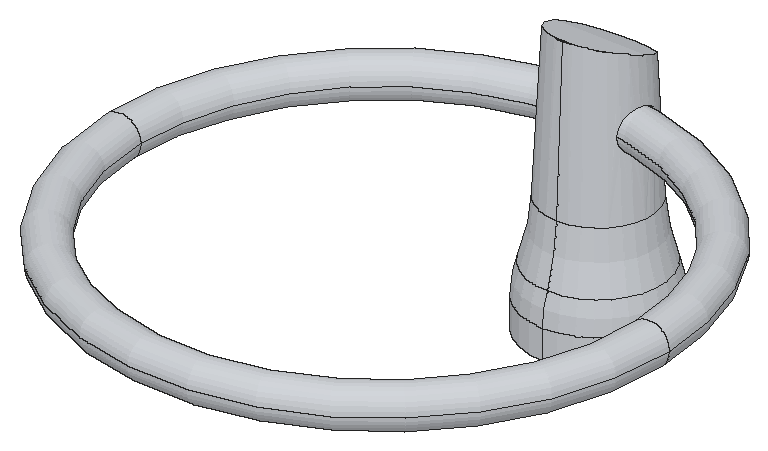
Revit family "Accessory-Towel_Ring-KOHLER-Toobi-K-5671", category Specialty Equipment, host Face, Revit 2015
Parameters (values of type "CP-Polished Chrome")
  Width = 3 3/8"  # constant formula
  WaterSense Certified = 1 = 0  # no
  URL = "https://www.us.kohler.com/us/"
  Type = 1
  Product Page URL = "http://www.us.kohler.com/us/catalog/productDetails.jsp?productNumber=5671"
  Product Name = "Toobi"  # constant formula
  Product Documentation Link = "https://www.us.kohler.com/webassets/kpna/catalog/pdf/en/K-5671_spec.pdf"
  Model = if(Type = 1, "K-5671-CP", if(Type = 2, "K-5671-BN", "NA"))  # "K-5671-CP"
  Material = "Premium Metal Construction"  # constant formula
  MasterFormat 2004 = "10.28.13"  # constant formula
  MasterFormat 1995 = "10820"  # constant formula
  Manufacturer Address = "444 Highland Dr, Kohler, WI 53044"  # constant formula
  Manufacturer = "KOHLER Co."  # constant formula
  Length = 7"  # constant formula
  Height = 7 5/8"  # constant formula
  Finish = Kohler-Metal-CP-Polished_Chrome
  Environmental Product Declaration = ""
  Description = "Towel ring"  # constant formula
  Default Elevation = 42"
  Declare Label = ""
  Date Modified = "02/20/2019"  # constant formula
  Date Created = "02/20/2019"  # constant formula
  Copyright = "Copyright KOHLER Co."  # constant formula
  Contact Us = "https://www.us.kohler.com/us/static/contact.jsp"
  Assembly Code = "C1030200"
  ADA Compliant = 1 = 0  # no
Types (2): name | Type | Model | Finish
  CP-Polished Chrome | 1 | "K-5671-CP" | Kohler-Metal-CP-Polished_Chrome
  BN-Vibrant Brushed Nickel | 2 | "K-5671-BN" | Kohler-Metal-BN-Vibrant_Brushed_Nickel
Reference planes (in)
  plane 1 "Center (Front/Back)": y = 0
  plane 2: z = 0
  plane 3 "Center (Left/Right)": x = 0
  plane 4: y = 0.84646
  plane 5: x = 3.5
  plane 6: x = -3.5
  plane 7: y = -0.84646
  plane 8: y = -6.77854
  plane 9: z = 3.375
  plane 10: x = -0.84646
  plane 11: x = 0.84646
  plane 12: z = 2.39542
Dimensions and locks (in)
  plane 7 to plane 4 = 1.69291"
  "Height": plane 4 to plane 8
  "Length": plane 6 to plane 5
  "Width": plane 9 to level
  aligned and locked: plane 2 to host face
  aligned and locked: level to host face
Automatic sketch dimensions
  host sketch curve to host sketch curve = 96"  (x2)
Nested families (in)
  nested 1: "K-5671" at (0, 0, 0), type "K-5671"
Definition of nested family "K-5671"
  Parameters (values of type "K-5671")
    Material = none
  Reference planes (in)
    plane 1 "Center (Front/Back)": y = 0
    plane 2: z = 0
    plane 3 "Center (Left/Right)": x = 0
    plane 4: z = 3.375
    plane 5: y = -6.77854
    plane 6: y = 0.84646
    plane 7: x = 3.5
    plane 8: x = -3.5
    plane 9: y = -0.84646
  Forms (in)
    Revolve 1, solid, material <- "Material", detail levels medium+fine
      sketch origin (0, 0, 0) x (0, 1, 0) y (0, 0, 1)
        loop
          line (0, 3.37501) -> (0, 0) -> (0.84646, 0) -> (0.84646, 0.35551)
          arc (0.84646, 0.35551) -> (0.83018, 0.54852) -> (0.78181, 0.73607) r 1.1524
          arc (0.78181, 0.73607) -> (0.68631, 1.08724) -> (0.64152, 1.4484) r 2.56323
          line (0.64152, 1.4484) -> (0.54055, 3.37501) -> (0, 3.37501)
        axis (0, 3.37501) -> (0, 0)
      angle from 0 to 360
    Extrusion 2, void
      sketch origin (0, 0, 0) x (0, 1, 0) y (0, 0, 1)
        loop
          arc (-0.80703, 3.45353) -> (0.04166, 3.16375) -> (0.82998, 2.7362) r 5.34646
          line (0.82998, 2.7362) -> (0.82998, 3.45353) -> (-0.80703, 3.45353)
      from -0.68624 to 0.70017
    Sweep 3, solid, material <- "Material", detail levels medium+fine
      path origin (0, 0, 0) x (1, 0, 0) y (0, 1, 0)
        loop
          circle (0, -3.27926) r 3.5
      profile origin (0, -6.77926, 0) x (0, -1, 0) y (0, 0, 1)
        loop
          circle (-0.25071, 2.40013) r 0.25
    Extrusion 4, void
      sketch origin (0, -0.05074, 0) x (0, 1, 0) y (0, 0, 1)
        loop
          circle (-0.02925, 2.40051) r 0.25779
      from -0.68624 to 0.70017
    Revolve 5, solid, material <- "Material", detail levels coarse
      sketch origin (0, 0, 0) x (0, 1, 0) y (0, 0, 1)
        loop
          line (0, 0) -> (0.84646, 0) -> (0.84646, 0.5) -> (0.6345, 1.58236) -> (0.6345, 3.375) -> (0, 3.375) -> (0, 0)
        axis (0, 0) -> (0, 3.375)
      angle from 0 to 360
    Sweep 6, solid, material <- "Material", detail levels coarse
      path origin (0, 0, 0) x (1, 0, 0) y (0, 1, 0)
        loop
          circle (0, -3.27854) r 3.5
      profile origin (0, -6.77854, 0) x (0, -1, 0) y (0, 0, 1)
        loop
          circle (-0.24988, 2.40013) r 0.25001
  Cuts and joins
    Extrusion 2, Extrusion 4 cuts Revolve 1
    joined: Revolve 5, Sweep 6
  Lines and regions (in)
    Masking region 1
      outline origin (0, 0, 0) x (1, 0, 0) y (0, 1, 0)
        loop
          arc (0, 0.84646) -> (-0.55462, 0.63945) -> (-0.83796, 0.11967) r 0.84646
          arc (-0.83796, 0.11967) -> (0, -6.77854) -> (0.83796, 0.11967) r 3.5
          arc (0.83796, 0.11967) -> (0.55462, 0.63945) -> (0, 0.84646) r 0.84646
        loop
          arc (0.75837, -0.37598) -> (0.44623, -0.71928) -> (0, -0.84646) r 0.84646
          arc (0, -0.84646) -> (-0.44623, -0.71928) -> (-0.75837, -0.37598) r 0.84646
          arc (-0.75837, -0.37598) -> (0, -6.27854) -> (0.75837, -0.37598) r 3
    Masking region 2
      outline origin (0, 0, 0) x (0, 1, 0) y (0, 0, 1)
        loop
          line (-0.84646, 0) -> (0.84646, 0) -> (0.84646, 0.35551)
          arc (0.84646, 0.35551) -> (0.83018, 0.54852) -> (0.78181, 0.73607) r 1.1524
          arc (0.78181, 0.73607) -> (0.68631, 1.08724) -> (0.64152, 1.4484) r 2.56323
          line (0.64152, 1.4484) -> (0.56549, 2.89904)
          arc (0.56549, 2.89904) -> (0.02705, 3.17091) -> (-0.54055, 3.37504) r 4.93329
          line (-0.54055, 3.37504) -> (-0.57854, 2.65014) -> (-6.52866, 2.65014)
          arc (-6.52866, 2.65014) -> (-6.77867, 2.40013) -> (-6.52866, 2.15013) r 0.25001
          line (-6.52866, 2.15013) -> (-0.60474, 2.15013) -> (-0.64152, 1.4484)
          arc (-0.64152, 1.4484) -> (-0.68631, 1.08724) -> (-0.78181, 0.73607) r 2.56323
          arc (-0.78181, 0.73607) -> (-0.83018, 0.54852) -> (-0.84646, 0.35551) r 1.1524
          line (-0.84646, 0.35551) -> (-0.84646, 0)
    Masking region 3
      outline origin (0, 0, 0) x (1, 0, 0) y (0, 0, 1)
        loop
          line (0, 0) -> (0.84646, 0) -> (0.84646, 0.35551)
          arc (0.84646, 0.35551) -> (0.83018, 0.54852) -> (0.78181, 0.73607) r 1.1524
          arc (0.78181, 0.73607) -> (0.68631, 1.08724) -> (0.64152, 1.4484) r 2.56323
          line (0.64152, 1.4484) -> (0.6047, 2.15096) -> (3.25005, 2.15096)
          arc (3.25005, 2.15096) -> (3.50005, 2.40096) -> (3.25005, 2.65096) r 0.25
          line (3.25005, 2.65096) -> (0.57849, 2.65096) -> (0.55149, 3.16619)
          arc (0.55149, 3.16619) -> (0.5291, 3.23844) -> (0.47303, 3.28921) r 0.14325
          arc (0.47303, 3.28921) -> (0.37926, 3.32888) -> (0.28094, 3.35536) r 0.74329
          arc (0.28094, 3.35536) -> (0.2028, 3.36793) -> (0.12398, 3.37501) r 1.13209
          line (0.12398, 3.37501) -> (0.00024, 3.37501) -> (-0.12398, 3.37501)
          arc (-0.12398, 3.37501) -> (-0.2028, 3.36793) -> (-0.28094, 3.35536) r 1.13209
          arc (-0.28094, 3.35536) -> (-0.37926, 3.32888) -> (-0.47303, 3.28921) r 0.74329
          arc (-0.47303, 3.28921) -> (-0.5291, 3.23844) -> (-0.55149, 3.16619) r 0.14325
          line (-0.55149, 3.16619) -> (-0.57849, 2.65104) -> (-3.24989, 2.65104)
          arc (-3.24989, 2.65104) -> (-3.49989, 2.40104) -> (-3.24989, 2.15104) r 0.25
          line (-3.24989, 2.15104) -> (-0.60469, 2.15104) -> (-0.64152, 1.4484)
          arc (-0.64152, 1.4484) -> (-0.68631, 1.08724) -> (-0.78181, 0.73607) r 2.56323
          arc (-0.78181, 0.73607) -> (-0.83018, 0.54852) -> (-0.84646, 0.35551) r 1.1524
          line (-0.84646, 0.35551) -> (-0.84646, 0) -> (0, 0)
    symbolic lines, detail levels medium+fine
      curve 1: circle (0, 0, 0) r 0.56622 normal (0, 0, 1)
      curve 2: arc (0.83796, 0.11967, 0) -> (0.70143, 0.14987, 0) -> (0.56359, 0.17333, 0) r 2.84594
      curve 3: arc (0.75837, -0.37598, 0) -> (0.62568, -0.34617, 0) -> (0.49124, -0.32559, 0) r 1.96743
      curve 4: arc (-0.83796, 0.11967, 0) -> (-0.70143, 0.14987, 0) -> (-0.56359, 0.17333, 0) r 2.84594
      curve 5: arc (-0.75837, -0.37598, 0) -> (-0.62568, -0.34617, 0) -> (-0.49124, -0.32559, 0) r 1.96743
      curve 6: line (-0.56359, 0.17333, 0) -> (-0.49124, -0.32559, 0)
      curve 7: line (0.49124, -0.32559, 0) -> (0.56359, 0.17333, 0)
      curve 8: line (0, 0.84646, 0.35551) -> (0, -0.84646, 0.35551)
      curve 9: line (0, -0.07999, 2.65013) -> (0, -0.57854, 2.65013)
      curve 10: line (0, -0.07999, 2.15013) -> (0, -0.60474, 2.15013)
      curve 11: arc (0, -0.07999, 2.65013) -> (0, 0.17001, 2.40013) -> (0, -0.07999, 2.15013) r 0.25
      curve 12: arc (0, 0.17779, 2.40051) -> (0, 0.07789, 2.60429) -> (0, -0.14438, 2.65013) r 0.25779
      curve 13: arc (0, -0.14131, 2.15013) -> (0, 0.07914, 2.19771) -> (0, 0.17779, 2.40051) r 0.25779
      curve 14: arc (-0.48978, 0, 3.04046) -> (-0.53523, 0, 3.09616) -> (-0.55149, 0, 3.16619) r 0.15894
      curve 15: arc (0, 0, 2.88522) -> (-0.25867, 0, 2.91938) -> (-0.48978, 0, 3.04046) r 0.74653
      curve 16: arc (0.48978, 0, 3.04046) -> (0.53523, 0, 3.09616) -> (0.55149, 0, 3.16619) r 0.15894
      curve 17: arc (0, 0, 2.88522) -> (0.25867, 0, 2.91938) -> (0.48978, 0, 3.04046) r 0.74653
      curve 18: arc (-0.57849, 0, 2.65096) -> (-0.48594, 0, 2.39542) -> (-0.6047, 0, 2.15096) r 0.34909
      curve 19: arc (0.57849, 0, 2.65096) -> (0.48594, 0, 2.39542) -> (0.6047, 0, 2.15096) r 0.34909
      curve 20: line (0.84646, 0, 0.35551) -> (-0.84646, 0, 0.35551)
  Dimensions and locks (in)
    plane 8 to plane 7 = 7"
    plane 6 to plane 5 = 7 5/8"
    plane 4 to level = 3 3/8"
    plane 9 to plane 6 = 1.69291"
    aligned and locked: plane 2 to level
